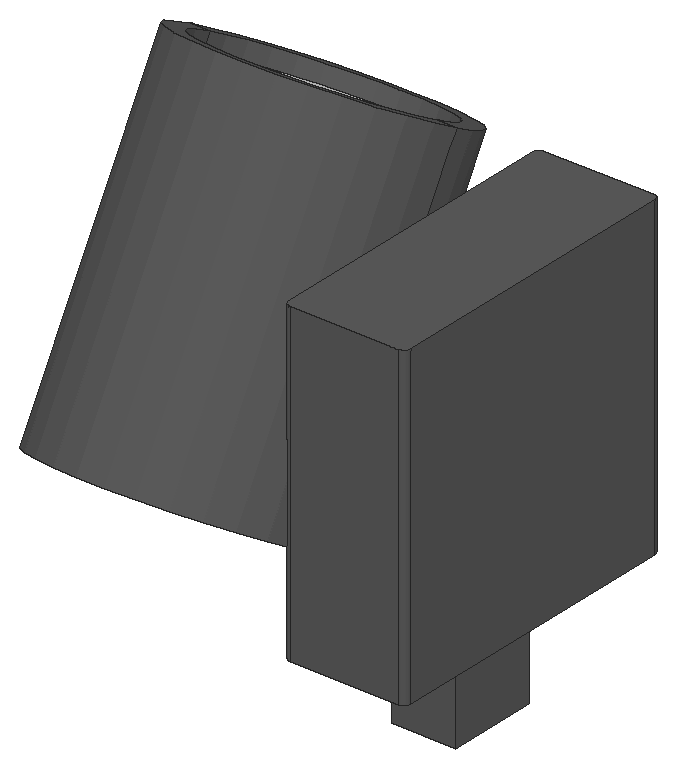
Revit family "AKTMLED", category Lighting Fixtures, host Face, Revit 2013
Parameters (values of type "AKTMDLED - Black")
  zz Angle1 = if(Tilt Angle < 10.00°, 10.00°, if(Tilt Angle > 160.00°, 160.00°, Tilt Angle))  # 120.00°
  Wattage Comments = "24 W"
  Voltage = 120 V
  URL = "http://www.prescolite.com/"
  Total Input Wattage = 24 W
  Tilt Angle = 120.00°
  Power Factor = 1
  Load Classification = Lighting
  Lens = Hubbell-Glass
  Product Page URL = "http://www.prescolite.com/products/aktmled_1"
  Product Documentation Link = "http://cdn.prescolite.com/content/products/specs/specs_files/atrk_049.pdf"
  Photometric Web [instance] = Web : AKTMDLED15L30K8FL35BL
  Model = "AKTMDLED"  # constant formula
  Manufacturer Phone = "864-678-1000"  # constant formula
  Manufacturer Fax = "866-898-0131"  # constant formula
  Manufacturer = "Prescolite"  # constant formula
  Lamp = "LED"
  Fixture Color = Hubbell-Paint-Black
  Description = "2-3/4 Inch LED Track Head"  # constant formula
  Default Elevation = 48.000"
  Assembly Code = ""
  Apparent Load = Total Input Wattage / Power Factor  # 24 VA
Types (2): name | Photometric Web | Fixture Color | Assembly Code
  AKTMDLED - Black | Web : AKTMDLED15L30K8FL35BL | Hubbell-Paint-Black | ""
  AKTMDLED - White | Web : AKTMDLED15L30K8MD25BL | Hubbell-Paint-White | "D5020210"
Reference planes (in)
  plane 1 "Center (Front/Back)": y = 0
  plane 2: z = 0
  plane 3 "Center (Left/Right)": x = 0
  plane 4: z = 4.75
  plane 5: z = 0.2
  plane 6: z = 6.25
  plane 7: y = 2.375
  plane 8: y = -2.375
  plane 9: x = 1.75
  plane 10: x = 0.24994
  plane 11: z = 1.5
  plane 12: z = 1
  plane 13: y = 0.312
  plane 14: y = -0.3125
  plane 15: x = 0.99997
  plane 16: x = 0.74997
  plane 17: x = 1.24997
  plane 18: y = 0.66082
  plane 19: y = -0.69429
  plane 20: x = 1.94994
  plane 21: x = 1.48164
  plane 22: x = 0.52734
  plane 23: x = 2.07494
Forms (in)
  Extrusion 1, solid, material "Hubbell-Paint-Black" <- "Fixture Color"
    sketch origin (0, 0, 0) x (0, 1, 0) y (0, 0, 1)
      loop
        circle (0, 4.75) r 0.25
    from -0.25 to 0.25
  Extrusion 2, solid, material "Hubbell-Paint-Black" <- "Fixture Color"
    sketch origin (0, 0, 0) x (1, 0, 0) y (0, 1, 0)
      loop
        arc (0.34994, 2.375) -> (0.27923, 2.34571) -> (0.24994, 2.275) r 0.1
        line (0.24994, 2.275) -> (0.24994, -2.275)
        arc (0.24994, -2.275) -> (0.27923, -2.34571) -> (0.34994, -2.375) r 0.1
        line (0.34994, -2.375) -> (1.97494, -2.375)
        arc (1.97494, -2.375) -> (2.04565, -2.34571) -> (2.07494, -2.275) r 0.1
        line (2.07494, -2.275) -> (2.07494, 2.275)
        arc (2.07494, 2.275) -> (2.04565, 2.34571) -> (1.97494, 2.375) r 0.1
        line (1.97494, 2.375) -> (0.34994, 2.375)
    from 1.5 to 6.25
  Extrusion 3, solid, material "Hubbell-Paint-Black" <- "Fixture Color"
    sketch origin (0, 0, 0) x (1, 0, 0) y (0, 1, 0)
      loop
        line (0.74997, 0.312) -> (0.74997, -0.3125) -> (1.24997, -0.3125) -> (1.24997, 0.312) -> (0.74997, 0.312)
    from 1 to 1.5
  Extrusion 4, solid, material "Hubbell-Paint-Black" <- "Fixture Color"
    sketch origin (0, 0, 0) x (1, 0, 0) y (0, 1, 0)
      loop
        line (0.52734, 0.66082) -> (0.52734, -0.69429) -> (1.48164, -0.69429) -> (1.48164, 0.66082) -> (0.52734, 0.66082)
    from 0 to 1
Cuts and joins
  joined: Extrusion 2, Extrusion 3, Extrusion 4
Lines and regions (in)
  reference lines
    curve 1: line (1.75, 0, 0) -> (2.55045, 0, 0)
Dimensions and locks (in)
  locked: plane 5 to plane 2 at 0.2
  plane 7 to plane 1 "Center (Front/Back)" to plane 8 = 2.375" locked, 2.375" locked
  plane 7 to plane 8 = 4.750"
  locked: plane 10 to plane 9 at 1.50006
  plane 4 to plane 11 = 3.250"
  locked: plane 11 to plane 12 at 0.5
  plane 12 to plane 2 = 1.000"
  locked: plane 14 to plane 1 "Center (Front/Back)" at 0.3125
  equal spacing: plane 10, plane 15, plane 9, locked at 0.75003 each
  plane 16 to plane 15 to plane 17 = 0.250" locked, 0.250" locked
  plane 18 to plane 1 "Center (Front/Back)" to plane 19 = 0.66082" locked, 0.69429" locked
  nested 1 to plane 20 = 6.010"
  plane 22 to plane 15 to plane 21 = 0.47263" locked, 0.48167" locked
  locked: plane 20 to plane 23 at 0.125
  plane 1 "Center (Front/Back)" to plane 13 = 0.312"
  plane 4 to plane 2 = 4.750"
  "zz Angle1": angle plane 1 "Center (Front/Back)" to nested 1
  aligned and locked: plane 2 to host face
  aligned and locked: level to host face
  aligned and locked: plane 4 to nested 1
  aligned and locked: plane 1 "Center (Front/Back)" to nested 1
  aligned and locked: Extrusion 2 sketch curve to plane 7
  aligned and locked: Extrusion 2 sketch curve to plane 10
  aligned and locked: plane 8 to Extrusion 2 sketch curve
  aligned and locked: plane 6 to Extrusion 2
  aligned and locked: Extrusion 2 to plane 11
  aligned and locked: Extrusion 3 sketch curve to plane 13
  aligned and locked: Extrusion 3 sketch curve to plane 16
  aligned and locked: Extrusion 3 sketch curve to plane 14
  aligned and locked: plane 17 to Extrusion 3 sketch curve
  aligned and locked: Extrusion 3 to plane 12
  aligned and locked: Extrusion 3 to Extrusion 2
  aligned and locked: Extrusion 4 sketch curve to plane 18
  aligned and locked: plane 19 to Extrusion 4 sketch curve
  aligned and locked: Extrusion 4 to plane 2
  aligned and locked: plane 12 to Extrusion 4
  aligned and locked: plane 21 to cut or joined group of Extrusion 2, Extrusion 3, Extrusion 4
  aligned and locked: plane 22 to cut or joined group of Extrusion 2, Extrusion 3, Extrusion 4
  aligned and locked: nested 1 to nested 2
  aligned and locked: plane 23 to Extrusion 2 sketch curve
  aligned and locked: nested 1 to plane 10
Automatic sketch dimensions
  host sketch curve to host sketch curve = 96.000"  (x2)
  plane 1 "Center (Front/Back)" to curve 1 = 0.000"
  plane 3 "Center (Left/Right)" to curve 1 = 1.750"
  curve 1 to curve 1 = 0.80045"
  Extrusion 1 sketch curve to Extrusion 1 sketch curve = 0.000"  (x2)
  Extrusion 1 sketch curve to plane 4 = 0.000"
  Extrusion 1 sketch curve to plane 1 "Center (Front/Back)" = 0.000"
  plane 1 "Center (Front/Back)" to Extrusion 1 sketch curve = 0.250"
  plane 16 to Extrusion 4 sketch curve = 0.22263"
  Extrusion 4 sketch curve to plane 17 = 0.23167"
  Extrusion 2 sketch curve to plane 10 = 0.100"  (x2)
  Extrusion 2 sketch curve to plane 20 = 0.025"  (x2)
Nested families (in)
  nested 1: "AKTMDLED Model" at (-0.00006, 0, 4.75) x (0, 0.866, -0.5) z (1, 0, 0), type "AKTMDLED Model"
  nested 2: "Web" at (-2.10005, 0.91805, 6.81804) x (0, -0.866, 0.5) z (0, 0.5, 0.866), type <- "Photometric Web", type "AKTMDLED15L30K8FL35BL"
Connectors (in)
  electrical at (1.00449, -0.01673, 0), driven by "Voltage", driven by "Apparent Load", driven by "Load Classification", driven by "Power Factor"
    settings: on cut or joined group of Extrusion 2, Extrusion 3, Extrusion 4, index 1, voltage 120 V, apparent load 24 VA, apparent load phase1 0 VA, apparent load phase2 0 VA, apparent load phase3 0 VA, power factor 1, load classification "Lighting", number of poles 1, system type 30, power factor state 1, is connector primary yes, connector utility no, sub classification motor no, connector description "Lighting Connector"
Definition of nested family "AKTMDLED Model"
  Parameters (values of type "AKTMDLED Model")
    URL = ""
    Product Page URL = ""
    Product Documentation Link = ""
    Manufacturer Phone = ""
    Manufacturer Fax = ""
    Manufacturer = ""
    Lens = Hubbell-Glass
    Finish = Hubbell-Paint-White
  Reference planes (in)
    plane 1 "Center (Front/Back)": y = 0
    plane 2: z = 0
    plane 3 "Center (Left/Right)": x = 0
    plane 4: y = 2.25
    plane 5: z = 0.25
    plane 6: z = -0.25
    plane 7: z = 0
    plane 8: through (0, 0, 48) normal (0.8192, 0.5736, 0)
    plane 9: y = 0
  Forms (in)
    Extrusion 1, solid, material "Hubbell-Paint-White" <- "Finish"
      sketch origin (0, 0, 0) x (1, 0, 0) y (0, 1, 0)
        loop
          circle (0, 0) r 0.25
      from -0.25 to 0.25
    Revolve 2, solid, material "Hubbell-Paint-White" <- "Finish"
      sketch origin (0, 0, 0) x (0, 1, 0) y (0, 0, -1)
        loop
          line (2.5, 4.06) -> (-2.75, 4.06) -> (-2.75, 2.06) -> (0.59307, 2.06) -> (0.59307, 3.76) -> (2.5, 3.76) -> (2.5, 4.06)
        axis (2.5, 2.06) -> (-2.75, 2.06)
      angle from 0 to 360
    Revolve 3, solid, material "Hubbell-Glass" <- "Lens"
      sketch origin (0, 0, 0) x (0, 1, 0) y (0, 0, 1)
        loop
          line (2.15, -0.36757) -> (2.15, -2.06) -> (2.25, -2.06) -> (2.25, -0.36757) -> (2.15, -0.36757)
        axis (2.25, -2.06) -> (2.15, -2.06)
      angle from 0 to 360
  Cuts and joins
    joined: Extrusion 1, Revolve 2
  Lines and regions (in)
    reference lines
      curve 1: line (0, 0, 0) -> (0.87865, 0, 0)
      curve 2: line (0, 0, 0) -> (0, 0.29239, 0)
      curve 3: line (0, 3.06075, -2.06) -> (0, -2.75, -2.06)
    model lines, not visible
      curve 4: line (0, 0, 0.74748) -> (0, 0, -4.17138)
    model lines
      curve 5: line (0.08634, -2.75, -0.05271) -> (0.08634, -0.25, -0.05271)
      curve 6: line (0.33724, -2.75, -0.07936) -> (0.33724, -0.25, -0.07936)
      curve 7: line (0.58282, -2.75, -0.13725) -> (0.58282, -0.25, -0.13725)
      curve 8: line (0.81921, -2.75, -0.22545) -> (0.81921, -0.25, -0.22545)
      curve 9: line (1.04268, -2.75, -0.34259) -> (1.04268, -0.25, -0.34259)
      curve 10: line (1.2497, -2.75, -0.48682) -> (1.2497, -0.25, -0.48682)
      curve 11: line (1.43702, -2.75, -0.65585) -> (1.43702, -0.25, -0.65585)
      curve 12: line (1.60167, -2.75, -0.84703) -> (1.60167, -0.25, -0.84703)
      curve 13: line (1.74107, -2.75, -1.05734) -> (1.74107, -0.25, -1.05734)
      curve 14: line (1.85301, -2.75, -1.28346) -> (1.85301, -0.25, -1.28346)
      curve 15: line (1.93572, -2.75, -1.52183) -> (1.93572, -0.25, -1.52183)
      curve 16: line (1.98791, -2.75, -1.76868) -> (1.98791, -0.25, -1.76868)
      curve 17: line (2.00875, -2.75, -2.02013) -> (2.00875, -0.25, -2.02013)
      curve 18: line (1.9979, -2.75, -2.27221) -> (1.9979, -0.25, -2.27221)
      curve 19: line (1.95555, -2.75, -2.52094) -> (1.95555, -0.25, -2.52094)
      curve 20: line (1.88236, -2.75, -2.7624) -> (1.88236, -0.25, -2.7624)
      curve 21: line (1.77949, -2.75, -2.99278) -> (1.77949, -0.25, -2.99278)
      curve 22: line (1.64855, -2.75, -3.20845) -> (1.64855, -0.25, -3.20845)
      curve 23: line (1.49161, -2.75, -3.40602) -> (1.49161, -0.25, -3.40602)
      curve 24: line (1.31115, -2.75, -3.58235) -> (1.31115, -0.25, -3.58235)
      curve 25: line (1.11001, -2.75, -3.73468) -> (1.11001, -0.25, -3.73468)
      curve 26: line (0.89136, -2.75, -3.86059) -> (0.89136, -0.25, -3.86059)
      curve 27: line (0.65866, -2.75, -3.95811) -> (0.65866, -0.25, -3.95811)
      curve 28: line (0.41557, -2.75, -4.0257) -> (0.41557, -0.25, -4.0257)
      curve 29: line (0.16592, -2.75, -4.06228) -> (0.16592, -0.25, -4.06228)
      curve 30: line (-0.08634, -2.75, -4.06729) -> (-0.08634, -0.25, -4.06729)
      curve 31: line (-0.33724, -2.75, -4.04064) -> (-0.33724, -0.25, -4.04064)
      curve 32: line (-0.58282, -2.75, -3.98275) -> (-0.58282, -0.25, -3.98275)
      curve 33: line (-0.81921, -2.75, -3.89455) -> (-0.81921, -0.25, -3.89455)
      curve 34: line (-1.04268, -2.75, -3.77741) -> (-1.04268, -0.25, -3.77741)
      curve 35: line (-1.2497, -2.75, -3.63318) -> (-1.2497, -0.25, -3.63318)
      curve 36: line (-1.43702, -2.75, -3.46415) -> (-1.43702, -0.25, -3.46415)
      curve 37: line (-1.60167, -2.75, -3.27297) -> (-1.60167, -0.25, -3.27297)
      curve 38: line (-1.74107, -2.75, -3.06266) -> (-1.74107, -0.25, -3.06266)
      curve 39: line (-1.85301, -2.75, -2.83654) -> (-1.85301, -0.25, -2.83654)
      curve 40: line (-1.93572, -2.75, -2.59817) -> (-1.93572, -0.25, -2.59817)
      curve 41: line (-1.98791, -2.75, -2.35132) -> (-1.98791, -0.25, -2.35132)
      curve 42: line (-2.00875, -2.75, -2.09987) -> (-2.00875, -0.25, -2.09987)
      curve 43: line (-1.9979, -2.75, -1.84779) -> (-1.9979, -0.25, -1.84779)
      curve 44: line (-1.95555, -2.75, -1.59906) -> (-1.95555, -0.25, -1.59906)
      curve 45: line (-1.88236, -2.75, -1.3576) -> (-1.88236, -0.25, -1.3576)
      curve 46: line (-1.77949, -2.75, -1.12722) -> (-1.77949, -0.25, -1.12722)
      curve 47: line (-1.64855, -2.75, -0.91155) -> (-1.64855, -0.25, -0.91155)
      curve 48: line (-1.49161, -2.75, -0.71398) -> (-1.49161, -0.25, -0.71398)
      curve 49: line (-1.31115, -2.75, -0.53765) -> (-1.31115, -0.25, -0.53765)
      curve 50: line (-1.11001, -2.75, -0.38532) -> (-1.11001, -0.25, -0.38532)
      curve 51: line (-0.89136, -2.75, -0.25941) -> (-0.89136, -0.25, -0.25941)
      curve 52: line (-0.65866, -2.75, -0.16189) -> (-0.65866, -0.25, -0.16189)
      curve 53: line (-0.41557, -2.75, -0.0943) -> (-0.41557, -0.25, -0.0943)
      curve 54: line (-0.16592, -2.75, -0.05772) -> (-0.16592, -0.25, -0.05772)
  Dimensions and locks (in)
    plane 4 to plane 1 "Center (Front/Back)" = 2.250"
    locked: Revolve 2 sketch curve to Revolve 2 sketch curve at 0.3
    locked: Revolve 2 sketch curve to Revolve 2 sketch curve at 2
    plane 7 to Revolve 2 sketch curve = 2.060"
    aligned and locked: plane 6 to Extrusion 1
    aligned and locked: plane 5 to Extrusion 1
Definition of nested family "Web"
  Parameters (values of type "AKTMLED25L30K8XFL55WH")
    Wattage Comments = ""
    Wattage = 44.7 W
    built-in parameter 1150110 = 1 (stored number, unit not read)
    URL = ""
    built-in parameter 1114217 = 1 (stored number, unit not read)
    Tilt Angle = 90.00°
    built-in parameter 1150109 = 1 (stored number, unit not read)
    built-in parameter 1150134 = (empty or 0)
    built-in parameter 1150113 = 1 (stored number, unit not read)
    Product Page URL = ""
    Product Documentation Link = ""
    Photometric Web File = "AKTMLED25L30K8XFL55WH.ies"
    Model = ""
    Manufacturer Phone = ""
    Manufacturer Fax = ""
    Manufacturer = ""
    built-in parameter 1150105 = 232.28 (stored number, unit not read)
    Lumens = 2918.91 lm
    built-in parameter 1150115 = 1 (stored number, unit not read)
    built-in parameter 1150137 = (empty or 0)
    built-in parameter 1150139 = (empty or 0)
    built-in parameter 1150112 = 1 (stored number, unit not read)
    built-in parameter 1150114 = 1 (stored number, unit not read)
    Lamp = ""
    built-in parameter 1150132 = (empty or 0)
    built-in parameter 1150102 = (empty or 0)
    built-in parameter 1150107 = 3000 (stored number, unit not read)
    built-in parameter 1150138 = (empty or 0)
    built-in parameter 1150106 = 2.3228 (stored number, unit not read)
    Emit from Circle Diameter = 3.250"  # constant formula
    Emit Shape Visible in Rendering = no
    built-in parameter 1150104 = 6.0666 (stored number, unit not read)
    Dimming Lamp Color Temperature Shift = (empty or 0)
    Description = ""
    Default Elevation = 48.000"
    Color Filter = 16777215
    Beam Spread = "55 Degree Cutoff"
    built-in parameter 1114218 = 1 (stored number, unit not read)
    built-in parameter 1150133 = 10 (stored number, unit not read)
    Apparent Load = 0 VA
  Types (3): name | Wattage | Photometric Web File | built-in parameter 1150105 | Lumens | built-in parameter 1150106 | built-in parameter 1150104 | Beam Spread
    AKTMLED25L30K8XFL55WH | 44.7 W | "AKTMLED25L30K8XFL55WH.ies" | 232.28 (stored number, unit not read) | 2918.91 lm | 2.3228 (stored number, unit not read) | 6.0666 (stored number, unit not read) | "55 Degree Cutoff"
    AKTMLED25L30K8FL35WH | 44.2 W | "AKTMLED25L30K8FL35WH.ies" | 204.71 (stored number, unit not read) | 2572.44 lm | 2.0471 (stored number, unit not read) | 5.407 (stored number, unit not read) | "35 Degree Cutoff"
    AKTMLED25L30K8MD25WH | 43.9 W | "AKTMLED25L30K8MD25WH.ies" | 214.85 (stored number, unit not read) | 2699.85 lm | 2.1485 (stored number, unit not read) | 5.7135 (stored number, unit not read) | "25 Degree Cutoff"
  Reference planes (in)
    plane 1 "Center (Front/Back)": y = 0.03999
    plane 2: z = 0
    plane 3 "Center (Left/Right)": x = -0.23896
  Forms (in)
    Extrusion 1, solid
      sketch origin (0, 0, 0.06357) x (1, 0, 0) y (0, 1, 0)
        loop
          line (-48, 48) -> (-48, -48) -> (48, -48) -> (48, 48) -> (-48, 48)
      from -0.06357 to -17.74365
  Lines and regions (in)
    reference lines
      curve 1: line (-0.23896, 0.03999, 18.11448) -> (-0.23896, 0.03999, -22.88552)
      curve 2: line (-0.23896, 0.03999, 34) -> (-0.23896, 0.03999, -22.88552)
  Dimensions and locks (in)
    aligned and locked: plane 2 to Extrusion 1
    aligned and locked: level to Extrusion 1
    aligned and locked: curve 1 to plane 3 "Center (Left/Right)"
    aligned and locked: plane 1 "Center (Front/Back)" to curve 2
    aligned and locked: imposter light to plane 1 "Center (Front/Back)"
